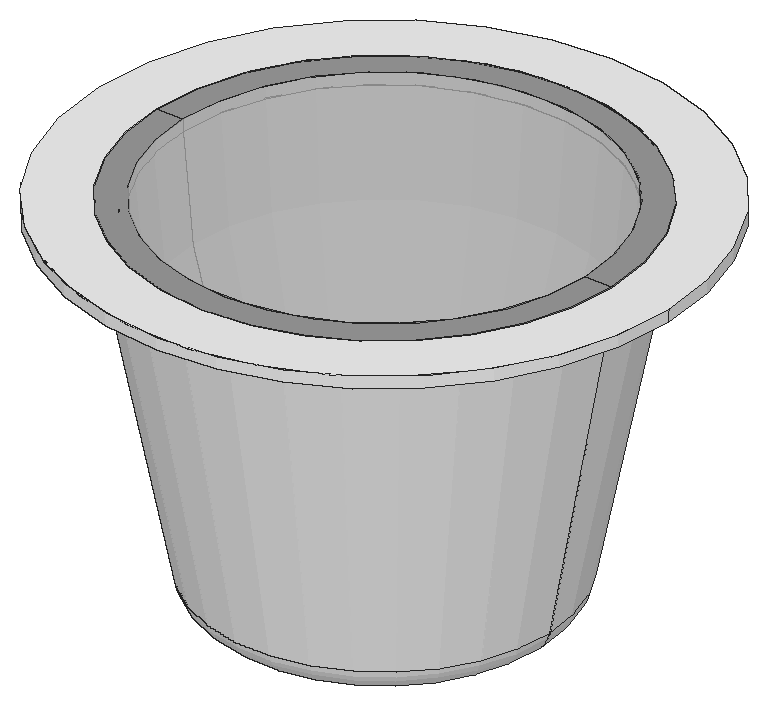
Revit family "2060531 Sylvania Lighting Fixture ASCENT100 II ARCH 1900 3K STD EMG 120", category Lighting Fixtures, host Face, Revit 2016
Family settings
  Host = Face
  Part Type = Normal
  Round Connector Dimension = Use Diameter
  OmniClass Number = 23.80.70.11.17
  OmniClass Title = Specialized Lighting by Location or Use
  Cut with Voids When Loaded = No
  Light Source = Yes
  Shared = No
  Room Calculation Point = No
Parameters (values of type "2060531 ASCT100 II ARCH 1900 3K STD EMG 120 Emergency mode")
  Weight = "1.43 kg"
  WarrantyStartDate [instance] = "n/a"
  WarrantyGuarantorParts = "n/a"
  WarrantyDurationUnit = "n/a"
  WarrantyDurationParts = "n/a"
  WarrantyDescription = "n/a"
  Voltage = 0 V
  TypeName = "ASCT100 II ARCH 1900 3K STD EMG 120 Emergency mode"
  SerialNumber [instance] = "n/a"
  ReflectorRadius_SYL = Radius_SYL - 15.0 mm  # 60.0 mm
  PowerFactor = 0
  PowerConsumption = "20 W"
  NominalWidth = 0.0 mm
  NominalLength = 0.0 mm
  NominalHeight = 94.0 mm
  Name = "ASCT100 II ARCH 1900 3K STD EMG 120 Emergency mode"
  ModelReference = "ASCT100 II ARCH 1900 3K STD EMG 120 Emergency mode"
  ModelNumber = "2060531"
  Material_4_SYL = Aluminium_Sylvania_Ascent_Silver
  Radius_SYL = 75.0 mm
  Wattage = 1.76596 W
  built-in parameter 1150110 = 1 (stored number, unit not read)
  URL = "http://www.sylvania-lighting.com"
  built-in parameter 1114217 = 1 (stored number, unit not read)
  Tilt Angle = -90°
  built-in parameter 1150109 = 1 (stored number, unit not read)
  built-in parameter 1150134 = (empty or 0)
  built-in parameter 1150113 = 1 (stored number, unit not read)
  Photometric Web File = "2060531EM.ies"
  Material = "aluminium housing, acrylic diffuser"
  ManufacturerName = "Feilo Sylvania"
  LuminousEfficacy = "94 lm/W"
  LuminaireType = ""
  LightOutputRatio = "100"
  LampsType = Lamp  # "LED"
  LampNominalLuminous = "1887 lm"
  LampMacAdamStep = "n/a"
  LampColourTemperature = "3000 K"
  LampColourRenderingIndex = "80"
  Keynote = "16500"
  InstallationDate [instance] = "n/a"
  InputVoltage = "n/a"
  InputNominalFrequency = "n/a"
  IngressProtection = "IP40"
  ImpactProtectionIndex = "IK02"
  IfcExportType = "IfcLightFixtureType"
  IfcExportAs = "IfcLightFixtureType"
  Height_SYL = 94.0 mm
  ExpectedLife = 50000
  Emit from Circle Diameter = 2 * DiffuserRadius_SYL  # 106.0 mm
  Emit Shape Visible in Rendering = no
  ElectricShockClassification = "Class II"
  DurationUnit = "hours"
  DocumentationLiterature = "http://www.sylvania-lighting.com/product/en-int/products/2060531"
  DimmingControlOptions = "n/a"
  DiffuserRadius_SYL = ReflectorRadius_SYL - 7.0 mm  # 53.0 mm
  Material_3_SYL = Polycarbonate_Sylvania_Ascent_Clear
  Diameter_SYL = 2 * Radius_SYL  # 150.0 mm
  CutoutDiameter_SYL = Diameter_SYL - 13.0 mm  # 137.0 mm
  CreatedOn = "9/17/2018"
  CreatedBy = "@sylvania-lighting.com"
  built-in parameter 1114216 [instance] = 1 (stored number, unit not read)
  Model = "ASCT100 II ARCH 1900 3K STD EMG 120 Emergency mode"
  Manufacturer = "Feilo Sylvania"
  built-in parameter 1150105 = 13.21 (stored number, unit not read)
  Lumens = 166 lm
  built-in parameter 1150115 = 1 (stored number, unit not read)
  built-in parameter 1150137 = (empty or 0)
  built-in parameter 1150139 = (empty or 0)
  built-in parameter 1150112 = 1 (stored number, unit not read)
  built-in parameter 1150114 = 1 (stored number, unit not read)
  Lamp = "LED"
  built-in parameter 1150132 = 2
  built-in parameter 1150102 = (empty or 0)
  built-in parameter 1150107 = 3000 (stored number, unit not read)
  built-in parameter 1150138 = (empty or 0)
  built-in parameter 1150106 = 0.1321 (stored number, unit not read)
  Material_1_SYL = Aluminum_Sylvania_Ascent_White
  built-in parameter 1150104 = 8.7329 (stored number, unit not read)
  Dimming Lamp Color Temperature Shift = <None>
  Description = "Direct LED retro fit for original LED 100 Arch (120) single CFL lamp offering Matching lumen levels and improved light distribution of original LED 100 CFL lamp equivalents Typically half the power consumption compared to CFL Up to 104lm/W 120mm aperture Architectural reflector accepts range of glass accessories from existing LED 100 Arch 120 offering HE, HO and VHO versions equivalent of single 1 x 13W, 1 x 18W, 1 x 26W Additional VVHO versions which offer the performance circa 2 x 26W equivalent"  # constant formula
  Default Elevation = 0.0 mm
  Color Filter = 16777215
  built-in parameter 1140040 [instance] = 1
  BarCode [instance] = "n/a"
  built-in parameter 1114218 = 1 (stored number, unit not read)
  built-in parameter 1150133 = 10 (stored number, unit not read)
  AssetType = "Fixed"
  AssetIdentifier [instance] = "n/a"
  Assembly Code = "D5020200"
  Apparent Load = 1.76596 VA
  Aperture_SYL = 2 * ReflectorRadius_SYL  # 120.0 mm
  Material_2_SYL = Aluminum_Sylvania_Ascent_White
Types (2, lengths in mm): name | TypeName | Name | ModelReference | Wattage | Photometric Web File | Model | built-in parameter 1150105 | Lumens | built-in parameter 1150106 | Apparent Load
  2060531 ASCT100 II ARCH 1900 3K STD EMG 120 Emergency mode | "ASCT100 II ARCH 1900 3K STD EMG 120 Emergency mode" | "ASCT100 II ARCH 1900 3K STD EMG 120 Emergency mode" | "ASCT100 II ARCH 1900 3K STD EMG 120 Emergency mode" | 1.76596 W | "2060531EM.ies" | "ASCT100 II ARCH 1900 3K STD EMG 120 Emergency mode" | 13.21 (stored number, unit not read) | 166 lm | 0.1321 (stored number, unit not read) | 1.76596 VA
  2060531 ASCT100 II ARCH 1900 3K STD EMG 120 | "ASCENT100 II ARCH 1900 3K STD EMG 120" | "ASCENT100 II ARCH 1900 3K STD EMG 120" | "ASCENT100 II ARCH 1900 3K STD EMG 120" | 20 W | "2060531.ies" | "ASCENT100 II ARCH 1900 3K STD EMG 120" | 149.61 (stored number, unit not read) | 1880 lm | 1.4961 (stored number, unit not read) | 20 VA
Reference planes
  plane 1 "Center (Front/Back)": y = 0
  plane 2: z = 0
  plane 3 "Center (Left/Right)": x = 0
  plane 4 "Fixture Bottom": z = 3
  plane 5: z = -52.5
  plane 6 "Fixture Top": z = -91
Forms (mm)
  Extrusion 1, solid, material "Aluminum_Sylvania_Ascent_White" <- "Material_2_SYL", detail levels fine
    sketch origin (0, 0, 0) x (1, 0, 0) y (0, 1, 0)
      loop
        circle (0, 0) r 75
      loop
        circle (0, 0) r 60
    from 0 to 3
  Extrusion 2, void
    sketch origin (0, 0, 0) x (1, 0, 0) y (0, 1, 0)
      loop
        circle (0, 0) r 68.5
    from -91 to 3
  Revolve 3, solid, material "Aluminum_Sylvania_Ascent_White" <- "Material_1_SYL", detail levels fine
    sketch origin (0, 0, 0) x (1, 0, 0) y (0, 0, 1)
      loop
        line (0, -91.073) -> (0, -89.023) -> (-35.468, -89.014)
        arc (-35.468, -89.014) -> (-39.352, -87.613) -> (-41.54, -84.139) r 6.307
        line (-41.54, -84.139) -> (-57.991, -2.844) -> (-57.991, 0) -> (-60, 0) -> (-60, -3) -> (-43.5, -84.536)
        arc (-43.5, -84.536) -> (-40.643, -89.203) -> (-35.5, -91.073) r 8.291
        line (-35.5, -91.073) -> (0, -91.073)
      axis (0, 0) -> (0, -91.073)
    angle from 0 to 360
  Revolve 4, solid, material "Aluminium_Sylvania_Ascent_Silver" <- "Material_4_SYL", detail levels fine
    sketch origin (0, 0, 0) x (1, 0, 0) y (0, 0, 1)
      loop
        line (-60, 3) -> (-60, 0) -> (-55, 0)
        arc (-55, 0) -> (-52.349, -26.77) -> (-44.5, -52.5) r 136.5
        line (-44.5, -52.5) -> (-38, -52.5)
        arc (-38, -52.5) -> (-36.857, -61.521) -> (-33.5, -69.971) r 36.166
        line (-33.5, -69.971) -> (0, -69.971) -> (0, -50.5) -> (-43.16, -50.5)
        arc (-43.16, -50.5) -> (-50.517, -25.725) -> (-53, 0) r 134.5
        line (-53, 0) -> (-53, 3) -> (-60, 3)
      axis (0, 3) -> (0, -69.971)
    angle from 0 to 360
  Extrusion 5, solid, material "Polycarbonate_Sylvania_Ascent_Clear" <- "Material_3_SYL", detail levels fine
    sketch origin (0, 0, 0) x (1, 0, 0) y (0, 1, 0)
      loop
        circle (0, 0) r 53
    from 0 to 3
  Revolve 6, solid, material "Aluminum_Sylvania_Ascent_White" <- "Material_2_SYL", detail levels coarse+medium
    sketch origin (0, 0, 0) x (1, 0, 0) y (0, 0, 1)
      loop
        line (0, -91.073) -> (0, 3) -> (-75, 3) -> (-75, 0) -> (-60, 0) -> (-60, -3) -> (-43.5, -84.536)
        arc (-43.5, -84.536) -> (-40.643, -89.203) -> (-35.5, -91.073) r 8.291
        line (-35.5, -91.073) -> (0, -91.073)
      axis (0, 3) -> (0, -91.073)
    angle from 0 to 360
Dimensions and locks
  locked: plane 4 "Fixture Bottom" to plane 2 at 3
  "Height_SYL": plane 4 "Fixture Bottom" to plane 6 "Fixture Top"
  "ReflectorRadius_SYL": plane 3 "Center (Left/Right)" to Revolve 4 sketch curve
  locked: Revolve 4 sketch curve to Revolve 4 sketch curve at 15.5
  locked: Revolve 4 sketch curve to Revolve 4 sketch curve at 5
  locked: Revolve 4 sketch curve to Revolve 4 sketch curve at 7
  locked: Revolve 4 sketch curve to Revolve 4 sketch curve at 22
  locked: Revolve 4 sketch curve to Revolve 4 sketch curve at 26.5
  locked: Revolve 3 sketch curve to Revolve 3 sketch curve at 16.5
  locked: Revolve 3 sketch curve to Revolve 3 sketch curve at 24.5
  "ReflectorRadius_SYL": Revolve 3 sketch curve to plane 3 "Center (Left/Right)"
  locked: Revolve 3 sketch curve to plane 6 "Fixture Top" at 6.464
  locked: plane 2 to Revolve 3 sketch curve at 3
  locked: Revolve 3 sketch curve to Revolve 3 sketch curve at 2
  locked: Revolve 3 sketch curve to Revolve 3 sketch curve at 2.009
  locked: plane 2 to plane 5 at 52.5
  locked: Revolve 6 sketch curve to Revolve 6 sketch curve at 31.5
  locked: Revolve 6 sketch curve to Revolve 6 sketch curve at 39.5
  locked: Revolve 6 sketch curve to Revolve 6 sketch curve at 15
  "Radius_SYL": plane 3 "Center (Left/Right)" to Revolve 6 sketch curve
  "CutoutDiameter_SYL": diameter of Extrusion 2 sketch curve
  "ReflectorRadius_SYL": radius of Extrusion 1 sketch curve
  "DiffuserRadius_SYL": radius of Extrusion 5 sketch curve
  "Radius_SYL": radius of Extrusion 1 sketch curve
  aligned and locked: host face to plane 2
  aligned and locked: host face to level
  aligned and locked: plane 1 "Center (Front/Back)" to imposter light
  aligned and locked: plane 3 "Center (Left/Right)" to imposter light
  aligned and locked: plane 4 "Fixture Bottom" to Extrusion 1
  aligned and locked: Extrusion 1 to plane 2
  aligned and locked: Revolve 3 sketch curve to plane 3 "Center (Left/Right)"
  aligned and locked: Revolve 4 sketch curve to plane 3 "Center (Left/Right)"  (x2)
  aligned and locked: plane 4 "Fixture Bottom" to Revolve 4 sketch curve
  aligned and locked: Revolve 3 sketch curve to imposter light
  aligned and locked: Extrusion 5 to plane 2
  aligned and locked: imposter light to Extrusion 5
  aligned and locked: plane 2 to Revolve 3 sketch curve  (x2)
  aligned and locked: Revolve 6 sketch curve to imposter light
  aligned and locked: Revolve 6 sketch curve to plane 3 "Center (Left/Right)"
  aligned and locked: plane 6 "Fixture Top" to Extrusion 2
  aligned and locked: imposter light to Extrusion 2
  aligned and locked: imposter light to plane 4 "Fixture Bottom"
Automatic sketch dimensions
  plane 1 "Center (Front/Back)" to Extrusion 2 sketch curve = 0.0 mm
  Extrusion 2 sketch curve to plane 3 "Center (Left/Right)" = 0.0 mm
  Extrusion 1 sketch curve to Extrusion 1 sketch curve = 0.0 mm  (x2)
  plane 1 "Center (Front/Back)" to Extrusion 1 sketch curve = 0.0 mm
  Extrusion 1 sketch curve to plane 3 "Center (Left/Right)" = 0.0 mm
  plane 6 "Fixture Top" to Revolve 3 sketch curve = 0.073 mm
  Revolve 3 sketch curve to plane 6 "Fixture Top" = 6.861 mm
  Revolve 3 sketch curve to Revolve 3 sketch curve = 0.003 mm
  Revolve 3 sketch curve to Revolve 3 sketch curve = 0.009 mm  (x2)
  Revolve 3 sketch curve to Revolve 3 sketch curve = 0.023 mm
  Revolve 3 sketch curve to Revolve 3 sketch curve = 0.072 mm
  Revolve 3 sketch curve to Revolve 3 sketch curve = 0.008 mm
  Revolve 3 sketch curve to plane 6 "Fixture Top" = 1.977 mm
  Revolve 3 sketch curve to Revolve 3 sketch curve = 33.496 mm
  Revolve 3 sketch curve to Revolve 3 sketch curve = 0.028 mm
  plane 4 "Fixture Bottom" to Revolve 3 sketch curve = 82.431 mm
  Revolve 4 sketch curve to Revolve 4 sketch curve = 0.0 mm  (x2)
  Revolve 4 sketch curve to plane 5 = 0.0 mm
  Revolve 4 sketch curve to level = 0.0 mm
  plane 5 to Revolve 4 sketch curve = 2.0 mm
  plane 4 "Fixture Bottom" to Revolve 4 sketch curve = 9.642 mm
  plane 1 "Center (Front/Back)" to Extrusion 5 sketch curve = 0.0 mm
  Extrusion 5 sketch curve to plane 3 "Center (Left/Right)" = 0.0 mm
  Revolve 4 sketch curve to level = 69.971 mm
  Revolve 4 sketch curve to Revolve 4 sketch curve = 2.387 mm
  Revolve 6 sketch curve to level = 0.0 mm
  Revolve 6 sketch curve to plane 3 "Center (Left/Right)" = 0.0 mm
  Revolve 6 sketch curve to Revolve 6 sketch curve = 8.104 mm
  Revolve 6 sketch curve to level = 3.0 mm
  Revolve 6 sketch curve to plane 6 "Fixture Top" = 6.464 mm
  plane 6 "Fixture Top" to Revolve 6 sketch curve = 0.073 mm
  Revolve 6 sketch curve to Revolve 6 sketch curve = 33.496 mm
  plane 4 "Fixture Bottom" to Revolve 6 sketch curve = 82.431 mm
  host sketch curve to host sketch curve = 1368.192 mm
  host sketch curve to host sketch curve = 1600.367 mm
Connectors
  electrical at (0, 0, -91.073), driven by "Apparent Load"
    settings: on Revolve 3, index 1, voltage 240 V, apparent load 0 VA, apparent load phase1 1.76596 VA, apparent load phase2 0 VA, apparent load phase3 0 VA, power factor 1, load classification "Lighting", number of poles 1, system type 31, power factor state 1, is connector primary yes, connector utility no, sub classification motor no, connector description ""
